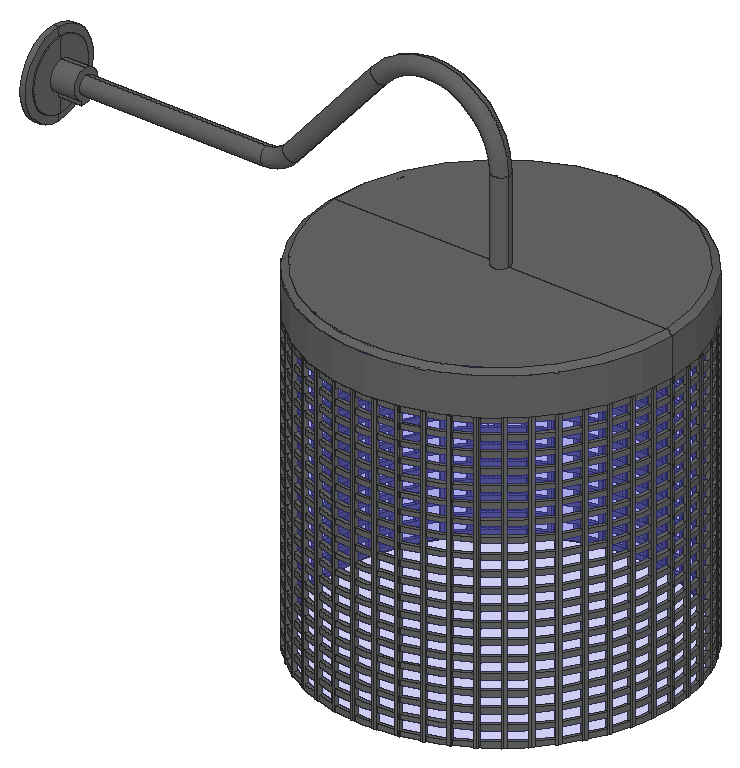
Revit family "OSOC LED 20", category Lighting Fixtures, Revit 2020 (continued)
Definition of nested family "OSOC 20_1"
  Definition of nested family "OSOC20"
    Automatic sketch dimensions
      Extrusion 10 sketch curve to Extrusion 10 sketch curve = 0' - 9.80176"
      Extrusion 10 sketch curve to Extrusion 10 sketch curve = 0' - 0.12369"
      Extrusion 11 sketch curve to Extrusion 11 sketch curve = 0' - 0"  (x17)
      Extrusion 11 sketch curve to Extrusion 11 sketch curve = 0' - 0.19748"
      Extrusion 11 sketch curve to Extrusion 11 sketch curve = 0' - 9.80176"
      Extrusion 11 sketch curve to Extrusion 11 sketch curve = 0' - 0.12369"
      Extrusion 12 sketch curve to Extrusion 12 sketch curve = 0' - 0"  (x17)
      Extrusion 12 sketch curve to Extrusion 12 sketch curve = 0' - 0.19748"
      Extrusion 12 sketch curve to Extrusion 12 sketch curve = 0' - 9.80176"
      Extrusion 12 sketch curve to Extrusion 12 sketch curve = 0' - 0.12369"
      Extrusion 13 sketch curve to Extrusion 13 sketch curve = 0' - 0"  (x17)
      Extrusion 13 sketch curve to Extrusion 13 sketch curve = 0' - 0.19748"
      Extrusion 13 sketch curve to Extrusion 13 sketch curve = 0' - 9.80176"
      Extrusion 13 sketch curve to Extrusion 13 sketch curve = 0' - 0.12369"
      Extrusion 14 sketch curve to Extrusion 14 sketch curve = 0' - 0"  (x17)
      Extrusion 14 sketch curve to Extrusion 14 sketch curve = 0' - 0.19748"
      Extrusion 14 sketch curve to Extrusion 14 sketch curve = 0' - 9.80176"
      Extrusion 14 sketch curve to Extrusion 14 sketch curve = 0' - 0.12369"
      Extrusion 15 sketch curve to Extrusion 15 sketch curve = 0' - 0"  (x17)
      Extrusion 15 sketch curve to Extrusion 15 sketch curve = 0' - 0.19748"
      Extrusion 15 sketch curve to Extrusion 15 sketch curve = 0' - 9.80176"
      Extrusion 15 sketch curve to Extrusion 15 sketch curve = 0' - 0.12369"
      Extrusion 16 sketch curve to Extrusion 16 sketch curve = 0' - 0"  (x17)
      Extrusion 16 sketch curve to Extrusion 16 sketch curve = 0' - 0.19748"
      Extrusion 16 sketch curve to Extrusion 16 sketch curve = 0' - 9.80176"
      Extrusion 16 sketch curve to Extrusion 16 sketch curve = 0' - 0.12369"
      Extrusion 17 sketch curve to Extrusion 17 sketch curve = 0' - 0"  (x17)
      Extrusion 17 sketch curve to Extrusion 17 sketch curve = 0' - 0.19748"
      Extrusion 17 sketch curve to Extrusion 17 sketch curve = 0' - 9.80176"
      Extrusion 17 sketch curve to Extrusion 17 sketch curve = 0' - 0.12369"
      Extrusion 18 sketch curve to Extrusion 18 sketch curve = 0' - 0"  (x17)
      Extrusion 18 sketch curve to Extrusion 18 sketch curve = 0' - 0.19748"
      Extrusion 18 sketch curve to Extrusion 18 sketch curve = 0' - 9.80176"
      Extrusion 18 sketch curve to Extrusion 18 sketch curve = 0' - 0.12369"
      Extrusion 19 sketch curve to Extrusion 19 sketch curve = 0' - 0"  (x17)
      Extrusion 19 sketch curve to Extrusion 19 sketch curve = 0' - 0.19748"
      Extrusion 19 sketch curve to Extrusion 19 sketch curve = 0' - 9.80176"
      Extrusion 19 sketch curve to Extrusion 19 sketch curve = 0' - 0.12369"
      Extrusion 20 sketch curve to Extrusion 20 sketch curve = 0' - 0"  (x17)
      Extrusion 20 sketch curve to Extrusion 20 sketch curve = 0' - 0.19748"
      Extrusion 20 sketch curve to Extrusion 20 sketch curve = 0' - 9.80176"
      Extrusion 20 sketch curve to Extrusion 20 sketch curve = 0' - 0.12369"
      Extrusion 21 sketch curve to Extrusion 21 sketch curve = 0' - 0"  (x17)
      Extrusion 21 sketch curve to Extrusion 21 sketch curve = 0' - 0.19748"
      Extrusion 21 sketch curve to Extrusion 21 sketch curve = 0' - 9.80176"
      Extrusion 21 sketch curve to Extrusion 21 sketch curve = 0' - 0.12369"
      Extrusion 22 sketch curve to Extrusion 22 sketch curve = 0' - 0"  (x17)
      Extrusion 22 sketch curve to Extrusion 22 sketch curve = 0' - 0.19748"
      Extrusion 22 sketch curve to Extrusion 22 sketch curve = 0' - 9.80176"
      Extrusion 22 sketch curve to Extrusion 22 sketch curve = 0' - 0.12369"
      Extrusion 23 sketch curve to Extrusion 23 sketch curve = 0' - 0"  (x17)
      Extrusion 23 sketch curve to Extrusion 23 sketch curve = 0' - 0.19748"
      Extrusion 23 sketch curve to Extrusion 23 sketch curve = 0' - 9.80176"
      Extrusion 23 sketch curve to Extrusion 23 sketch curve = 0' - 0.12369"
      Extrusion 24 sketch curve to Extrusion 24 sketch curve = 0' - 0"  (x17)
      Extrusion 24 sketch curve to Extrusion 24 sketch curve = 0' - 0.19748"
      Extrusion 24 sketch curve to Extrusion 24 sketch curve = 0' - 9.80176"
      Extrusion 24 sketch curve to Extrusion 24 sketch curve = 0' - 0.12369"
      Extrusion 25 sketch curve to Extrusion 25 sketch curve = 0' - 0"  (x17)
      Extrusion 25 sketch curve to Extrusion 25 sketch curve = 0' - 0.19748"
      Extrusion 25 sketch curve to Extrusion 25 sketch curve = 0' - 9.80176"
      Extrusion 25 sketch curve to Extrusion 25 sketch curve = 0' - 0.12369"
      Extrusion 26 sketch curve to Extrusion 26 sketch curve = 0' - 0"  (x17)
      Extrusion 26 sketch curve to Extrusion 26 sketch curve = 0' - 0.19748"
      Extrusion 26 sketch curve to Extrusion 26 sketch curve = 0' - 9.80176"
      Extrusion 26 sketch curve to Extrusion 26 sketch curve = 0' - 0.12369"
      Extrusion 27 sketch curve to Extrusion 27 sketch curve = 0' - 0"  (x17)
      Extrusion 27 sketch curve to Extrusion 27 sketch curve = 0' - 0.19748"
      Extrusion 27 sketch curve to Extrusion 27 sketch curve = 0' - 9.80176"
      Extrusion 27 sketch curve to Extrusion 27 sketch curve = 0' - 0.12369"
      Extrusion 28 sketch curve to Extrusion 28 sketch curve = 0' - 0"  (x17)
      Extrusion 28 sketch curve to Extrusion 28 sketch curve = 0' - 0.19748"
      Extrusion 28 sketch curve to Extrusion 28 sketch curve = 0' - 9.80176"
      Extrusion 28 sketch curve to Extrusion 28 sketch curve = 0' - 0.12369"
      Extrusion 29 sketch curve to Extrusion 29 sketch curve = 0' - 0"  (x17)
      Extrusion 29 sketch curve to Extrusion 29 sketch curve = 0' - 0.19748"
      Extrusion 29 sketch curve to Extrusion 29 sketch curve = 0' - 9.80176"
      Extrusion 29 sketch curve to Extrusion 29 sketch curve = 0' - 0.12369"
      Extrusion 30 sketch curve to Extrusion 30 sketch curve = 0' - 0"  (x17)
      Extrusion 30 sketch curve to Extrusion 30 sketch curve = 0' - 0.19748"
      Extrusion 30 sketch curve to Extrusion 30 sketch curve = 0' - 9.80176"
      Extrusion 30 sketch curve to Extrusion 30 sketch curve = 0' - 0.12369"
      Extrusion 31 sketch curve to Extrusion 31 sketch curve = 0' - 0"  (x17)
      Extrusion 31 sketch curve to Extrusion 31 sketch curve = 0' - 0.19748"
      Extrusion 31 sketch curve to Extrusion 31 sketch curve = 0' - 9.80176"
      Extrusion 31 sketch curve to Extrusion 31 sketch curve = 0' - 0.12369"
      Extrusion 32 sketch curve to Extrusion 32 sketch curve = 0' - 0"  (x17)
      Extrusion 32 sketch curve to Extrusion 32 sketch curve = 0' - 0.19748"
      Extrusion 32 sketch curve to Extrusion 32 sketch curve = 0' - 9.80176"
      Extrusion 32 sketch curve to Extrusion 32 sketch curve = 0' - 0.12369"
      Extrusion 33 sketch curve to Extrusion 33 sketch curve = 0' - 0"  (x17)
      Extrusion 33 sketch curve to Extrusion 33 sketch curve = 0' - 0.19748"
      Extrusion 33 sketch curve to Extrusion 33 sketch curve = 0' - 9.80176"
      Extrusion 33 sketch curve to Extrusion 33 sketch curve = 0' - 0.12369"
      Extrusion 34 sketch curve to Extrusion 34 sketch curve = 0' - 0"  (x17)
      Extrusion 34 sketch curve to Extrusion 34 sketch curve = 0' - 0.19748"
      Extrusion 34 sketch curve to Extrusion 34 sketch curve = 0' - 9.80176"
      Extrusion 34 sketch curve to Extrusion 34 sketch curve = 0' - 0.12369"
      Extrusion 35 sketch curve to Extrusion 35 sketch curve = 0' - 0"  (x17)
      Extrusion 35 sketch curve to Extrusion 35 sketch curve = 0' - 0.19748"
      Extrusion 35 sketch curve to Extrusion 35 sketch curve = 0' - 9.80176"
      Extrusion 35 sketch curve to Extrusion 35 sketch curve = 0' - 0.12369"
      Extrusion 36 sketch curve to Extrusion 36 sketch curve = 0' - 0"  (x17)
      Extrusion 36 sketch curve to Extrusion 36 sketch curve = 0' - 0.19748"
      Extrusion 36 sketch curve to Extrusion 36 sketch curve = 0' - 9.80176"
      Extrusion 36 sketch curve to Extrusion 36 sketch curve = 0' - 0.12369"
      Extrusion 37 sketch curve to Extrusion 37 sketch curve = 0' - 0"  (x17)
      Extrusion 37 sketch curve to Extrusion 37 sketch curve = 0' - 0.19748"
      Extrusion 37 sketch curve to Extrusion 37 sketch curve = 0' - 9.80176"
      Extrusion 37 sketch curve to Extrusion 37 sketch curve = 0' - 0.12369"
      Extrusion 38 sketch curve to Extrusion 38 sketch curve = 0' - 0"  (x17)
      Extrusion 38 sketch curve to Extrusion 38 sketch curve = 0' - 0.19748"
      Extrusion 38 sketch curve to Extrusion 38 sketch curve = 0' - 9.80176"
      Extrusion 38 sketch curve to Extrusion 38 sketch curve = 0' - 0.12369"
      Extrusion 39 sketch curve to Extrusion 39 sketch curve = 0' - 0"  (x17)
      Extrusion 39 sketch curve to Extrusion 39 sketch curve = 0' - 0.19748"
      Extrusion 39 sketch curve to Extrusion 39 sketch curve = 0' - 9.80176"
      Extrusion 39 sketch curve to Extrusion 39 sketch curve = 0' - 0.12369"
      Extrusion 40 sketch curve to Extrusion 40 sketch curve = 0' - 0"  (x17)
      Extrusion 40 sketch curve to Extrusion 40 sketch curve = 0' - 0.19748"
      Extrusion 40 sketch curve to Extrusion 40 sketch curve = 0' - 9.80176"
      Extrusion 40 sketch curve to Extrusion 40 sketch curve = 0' - 0.12369"
      Extrusion 41 sketch curve to Extrusion 41 sketch curve = 0' - 0"  (x17)
      Extrusion 41 sketch curve to Extrusion 41 sketch curve = 0' - 0.19748"
      Extrusion 41 sketch curve to Extrusion 41 sketch curve = 0' - 9.80176"
      Extrusion 41 sketch curve to Extrusion 41 sketch curve = 0' - 0.12369"
      Extrusion 42 sketch curve to Extrusion 42 sketch curve = 0' - 0"  (x17)
      Extrusion 42 sketch curve to Extrusion 42 sketch curve = 0' - 0.19748"
      Extrusion 42 sketch curve to Extrusion 42 sketch curve = 0' - 9.80176"
      Extrusion 42 sketch curve to Extrusion 42 sketch curve = 0' - 0.12369"
      Extrusion 43 sketch curve to Extrusion 43 sketch curve = 0' - 0"  (x17)
      Extrusion 43 sketch curve to Extrusion 43 sketch curve = 0' - 0.19748"
      Extrusion 43 sketch curve to Extrusion 43 sketch curve = 0' - 9.80176"
      Extrusion 43 sketch curve to Extrusion 43 sketch curve = 0' - 0.12369"
      Extrusion 44 sketch curve to Extrusion 44 sketch curve = 0' - 0"  (x17)
      Extrusion 44 sketch curve to Extrusion 44 sketch curve = 0' - 0.19748"
      Extrusion 44 sketch curve to Extrusion 44 sketch curve = 0' - 9.80176"
      Extrusion 44 sketch curve to Extrusion 44 sketch curve = 0' - 0.12369"
      Extrusion 45 sketch curve to Extrusion 45 sketch curve = 0' - 0"  (x17)
      Extrusion 45 sketch curve to Extrusion 45 sketch curve = 0' - 0.19748"
      Extrusion 45 sketch curve to Extrusion 45 sketch curve = 0' - 9.80176"
      Extrusion 45 sketch curve to Extrusion 45 sketch curve = 0' - 0.12369"
      Extrusion 46 sketch curve to Extrusion 46 sketch curve = 0' - 0"  (x17)
      Extrusion 46 sketch curve to Extrusion 46 sketch curve = 0' - 0.19748"
      Extrusion 46 sketch curve to Extrusion 46 sketch curve = 0' - 9.80176"
      Extrusion 46 sketch curve to Extrusion 46 sketch curve = 0' - 0.12369"
      Extrusion 47 sketch curve to Extrusion 47 sketch curve = 0' - 0"  (x17)
      Extrusion 47 sketch curve to Extrusion 47 sketch curve = 0' - 0.19748"
      Extrusion 47 sketch curve to Extrusion 47 sketch curve = 0' - 9.80176"
      Extrusion 47 sketch curve to Extrusion 47 sketch curve = 0' - 0.12369"
      Extrusion 48 sketch curve to Extrusion 48 sketch curve = 0' - 0"  (x17)
      Extrusion 48 sketch curve to Extrusion 48 sketch curve = 0' - 0.19748"
      Extrusion 48 sketch curve to Extrusion 48 sketch curve = 0' - 9.80176"
      Extrusion 48 sketch curve to Extrusion 48 sketch curve = 0' - 0.12369"
      Extrusion 49 sketch curve to Extrusion 49 sketch curve = 0' - 0"  (x17)
      Extrusion 49 sketch curve to Extrusion 49 sketch curve = 0' - 0.19748"
      Extrusion 49 sketch curve to Extrusion 49 sketch curve = 0' - 9.80176"
      Extrusion 49 sketch curve to Extrusion 49 sketch curve = 0' - 0.12369"
      Extrusion 50 sketch curve to Extrusion 50 sketch curve = 0' - 0"  (x17)
      Extrusion 50 sketch curve to Extrusion 50 sketch curve = 0' - 0.19748"
      Extrusion 50 sketch curve to Extrusion 50 sketch curve = 0' - 9.80176"
      Extrusion 50 sketch curve to Extrusion 50 sketch curve = 0' - 0.12369"
      Extrusion 51 sketch curve to Extrusion 51 sketch curve = 0' - 0"  (x17)
      Extrusion 51 sketch curve to Extrusion 51 sketch curve = 0' - 0.19748"
      Extrusion 51 sketch curve to Extrusion 51 sketch curve = 0' - 9.80176"
      Extrusion 51 sketch curve to Extrusion 51 sketch curve = 0' - 0.12369"
      Extrusion 52 sketch curve to Extrusion 52 sketch curve = 0' - 0"  (x17)
      Extrusion 52 sketch curve to Extrusion 52 sketch curve = 0' - 0.19748"
      Extrusion 52 sketch curve to Extrusion 52 sketch curve = 0' - 9.80176"
      Extrusion 52 sketch curve to Extrusion 52 sketch curve = 0' - 0.12369"
      Revolve 53 sketch curve to Revolve 53 sketch curve = 0' - 0.29377"
      Revolve 53 sketch curve to Revolve 53 sketch curve = 0' - 1"  (x2)
      Revolve 53 sketch curve to Revolve 53 sketch curve = 0' - 0.19824"
      Revolve 53 sketch curve to Revolve 53 sketch curve = 0' - 9.80176"
      Revolve 55 sketch curve to Revolve 55 sketch curve = 0' - 0.29377"
      Revolve 55 sketch curve to Revolve 55 sketch curve = 0' - 1"  (x2)
      Revolve 55 sketch curve to Revolve 55 sketch curve = 0' - 0.19824"
      Revolve 55 sketch curve to Revolve 55 sketch curve = 0' - 9.80176"
      Revolve 56 sketch curve to Revolve 56 sketch curve = 0' - 0.29377"
      Revolve 56 sketch curve to Revolve 56 sketch curve = 0' - 1"  (x2)
      Revolve 56 sketch curve to Revolve 56 sketch curve = 0' - 0.19824"
      Revolve 56 sketch curve to Revolve 56 sketch curve = 0' - 9.80176"
      Revolve 57 sketch curve to Revolve 57 sketch curve = 0' - 0.29377"
      Revolve 57 sketch curve to Revolve 57 sketch curve = 0' - 1"  (x2)
      Revolve 57 sketch curve to Revolve 57 sketch curve = 0' - 0.19824"
      Revolve 57 sketch curve to Revolve 57 sketch curve = 0' - 9.80176"
      Revolve 58 sketch curve to Revolve 58 sketch curve = 0' - 0.29377"
      Revolve 58 sketch curve to Revolve 58 sketch curve = 0' - 1"  (x2)
      Revolve 58 sketch curve to Revolve 58 sketch curve = 0' - 0.19824"
      Revolve 58 sketch curve to Revolve 58 sketch curve = 0' - 9.80176"
      Revolve 59 sketch curve to Revolve 59 sketch curve = 0' - 0.29377"
      Revolve 59 sketch curve to Revolve 59 sketch curve = 0' - 1"  (x2)
      Revolve 59 sketch curve to Revolve 59 sketch curve = 0' - 0.19824"
      Revolve 59 sketch curve to Revolve 59 sketch curve = 0' - 9.80176"
      Revolve 60 sketch curve to Revolve 60 sketch curve = 0' - 0.29377"
      Revolve 60 sketch curve to Revolve 60 sketch curve = 0' - 1"  (x2)
      Revolve 60 sketch curve to Revolve 60 sketch curve = 0' - 0.19824"
      Revolve 60 sketch curve to Revolve 60 sketch curve = 0' - 9.80176"
      Revolve 61 sketch curve to Revolve 61 sketch curve = 0' - 0.29377"
      Revolve 61 sketch curve to Revolve 61 sketch curve = 0' - 1"  (x2)
      Revolve 61 sketch curve to Revolve 61 sketch curve = 0' - 0.19824"
      Revolve 61 sketch curve to Revolve 61 sketch curve = 0' - 9.80176"
      Revolve 62 sketch curve to Revolve 62 sketch curve = 0' - 0.29377"
      Revolve 62 sketch curve to Revolve 62 sketch curve = 0' - 1"  (x2)
      Revolve 62 sketch curve to Revolve 62 sketch curve = 0' - 0.19824"
      Revolve 62 sketch curve to Revolve 62 sketch curve = 0' - 9.80176"
      Revolve 62 sketch curve to plane 5 = 0' - 0"
      level to Revolve 62 sketch curve = 0' - 7.11315"
      Revolve 58 sketch curve to plane 5 = 0' - 0"
      level to Revolve 58 sketch curve = 0' - 3.55658"
      Revolve 57 sketch curve to plane 5 = 0' - 0"
      level to Revolve 57 sketch curve = 0' - 2.66743"
      Revolve 55 sketch curve to plane 5 = 0' - 0"
      level to Revolve 55 sketch curve = 0' - 0.88914"
      Revolve 59 sketch curve to plane 5 = 0' - 0"
      level to Revolve 59 sketch curve = 0' - 4.44572"
      plane 1 "Center (Front/Back)" to Extrusion 45 sketch curve = 0' - 0"
      Extrusion 45 sketch curve to plane 3 "Center (Left/Right)" = 0' - 0"
      plane 1 "Center (Front/Back)" to Extrusion 42 sketch curve = 0' - 0"
      Extrusion 42 sketch curve to plane 3 "Center (Left/Right)" = 0' - 0"
      plane 1 "Center (Front/Back)" to Extrusion 36 sketch curve = 0' - 0"
      Extrusion 36 sketch curve to plane 3 "Center (Left/Right)" = 0' - 0"
      plane 1 "Center (Front/Back)" to Extrusion 32 sketch curve = 0' - 0"
      Extrusion 32 sketch curve to plane 3 "Center (Left/Right)" = 0' - 0"
      plane 1 "Center (Front/Back)" to Extrusion 31 sketch curve = 0' - 0"
      Extrusion 31 sketch curve to plane 3 "Center (Left/Right)" = 0' - 0"
      plane 1 "Center (Front/Back)" to Extrusion 35 sketch curve = 0' - 0"
      Extrusion 35 sketch curve to plane 3 "Center (Left/Right)" = 0' - 0"
      plane 1 "Center (Front/Back)" to Extrusion 38 sketch curve = 0' - 0"
      Extrusion 38 sketch curve to plane 3 "Center (Left/Right)" = 0' - 0"
      plane 1 "Center (Front/Back)" to Extrusion 16 sketch curve = 0' - 0"
      Extrusion 16 sketch curve to plane 3 "Center (Left/Right)" = 0' - 0"
      plane 1 "Center (Front/Back)" to Extrusion 44 sketch curve = 0' - 0"
      Extrusion 44 sketch curve to plane 3 "Center (Left/Right)" = 0' - 0"
      plane 1 "Center (Front/Back)" to Extrusion 46 sketch curve = 0' - 0"
      Extrusion 46 sketch curve to plane 3 "Center (Left/Right)" = 0' - 0"
      plane 1 "Center (Front/Back)" to Extrusion 47 sketch curve = 0' - 0"
      Extrusion 47 sketch curve to plane 3 "Center (Left/Right)" = 0' - 0"
      plane 1 "Center (Front/Back)" to Extrusion 49 sketch curve = 0' - 0"
      Extrusion 49 sketch curve to plane 3 "Center (Left/Right)" = 0' - 0"
      plane 1 "Center (Front/Back)" to Extrusion 51 sketch curve = 0' - 0"
      Extrusion 51 sketch curve to plane 3 "Center (Left/Right)" = 0' - 0"
      plane 1 "Center (Front/Back)" to Extrusion 13 sketch curve = 0' - 0"
      Extrusion 13 sketch curve to plane 3 "Center (Left/Right)" = 0' - 0"
      plane 1 "Center (Front/Back)" to Extrusion 41 sketch curve = 0' - 0"
      Extrusion 41 sketch curve to plane 3 "Center (Left/Right)" = 0' - 0"
      plane 1 "Center (Front/Back)" to Extrusion 20 sketch curve = 0' - 0"
      Extrusion 20 sketch curve to plane 3 "Center (Left/Right)" = 0' - 0"
      plane 1 "Center (Front/Back)" to Extrusion 34 sketch curve = 0' - 0"
      Extrusion 34 sketch curve to plane 3 "Center (Left/Right)" = 0' - 0"
      plane 1 "Center (Front/Back)" to Extrusion 27 sketch curve = 0' - 0"
      Extrusion 27 sketch curve to plane 3 "Center (Left/Right)" = 0' - 0"
      plane 1 "Center (Front/Back)" to Extrusion 33 sketch curve = 0' - 0"
      Extrusion 33 sketch curve to plane 3 "Center (Left/Right)" = 0' - 0"
      plane 1 "Center (Front/Back)" to Extrusion 37 sketch curve = 0' - 0"
      Extrusion 37 sketch curve to plane 3 "Center (Left/Right)" = 0' - 0"
      plane 1 "Center (Front/Back)" to Extrusion 40 sketch curve = 0' - 0"
      Extrusion 40 sketch curve to plane 3 "Center (Left/Right)" = 0' - 0"
      plane 1 "Center (Front/Back)" to Extrusion 43 sketch curve = 0' - 0"
      Extrusion 43 sketch curve to plane 3 "Center (Left/Right)" = 0' - 0"
      plane 1 "Center (Front/Back)" to Extrusion 12 sketch curve = 0' - 0"
      Extrusion 12 sketch curve to plane 3 "Center (Left/Right)" = 0' - 0"
      plane 1 "Center (Front/Back)" to Extrusion 48 sketch curve = 0' - 0"
      Extrusion 48 sketch curve to plane 3 "Center (Left/Right)" = 0' - 0"
      plane 1 "Center (Front/Back)" to Extrusion 52 sketch curve = 0' - 0"
      Extrusion 52 sketch curve to plane 3 "Center (Left/Right)" = 0' - 0"
      plane 1 "Center (Front/Back)" to Extrusion 9 sketch curve = 0' - 0"
      Extrusion 9 sketch curve to plane 3 "Center (Left/Right)" = 0' - 0"
      plane 1 "Center (Front/Back)" to Extrusion 10 sketch curve = 0' - 0"
      Extrusion 10 sketch curve to plane 3 "Center (Left/Right)" = 0' - 0"
      plane 1 "Center (Front/Back)" to Extrusion 18 sketch curve = 0' - 0"
      Extrusion 18 sketch curve to plane 3 "Center (Left/Right)" = 0' - 0"
      plane 1 "Center (Front/Back)" to Extrusion 23 sketch curve = 0' - 0"
      Extrusion 23 sketch curve to plane 3 "Center (Left/Right)" = 0' - 0"
      plane 1 "Center (Front/Back)" to Extrusion 39 sketch curve = 0' - 0"
      Extrusion 39 sketch curve to plane 3 "Center (Left/Right)" = 0' - 0"
      plane 1 "Center (Front/Back)" to Extrusion 22 sketch curve = 0' - 0"
      Extrusion 22 sketch curve to plane 3 "Center (Left/Right)" = 0' - 0"
      plane 1 "Center (Front/Back)" to Extrusion 30 sketch curve = 0' - 0"
      Extrusion 30 sketch curve to plane 3 "Center (Left/Right)" = 0' - 0"
      plane 1 "Center (Front/Back)" to Extrusion 24 sketch curve = 0' - 0"
      Extrusion 24 sketch curve to plane 3 "Center (Left/Right)" = 0' - 0"
      plane 1 "Center (Front/Back)" to Extrusion 21 sketch curve = 0' - 0"
      Extrusion 21 sketch curve to plane 3 "Center (Left/Right)" = 0' - 0"
      Revolve 60 sketch curve to plane 5 = 0' - 0"
      level to Revolve 60 sketch curve = 0' - 5.33486"
      Revolve 53 sketch curve to level = 0' - 0"
      Revolve 53 sketch curve to plane 5 = 0' - 0"
      Revolve 56 sketch curve to plane 5 = 0' - 0"
      level to Revolve 56 sketch curve = 0' - 1.77829"
      Revolve 61 sketch curve to plane 5 = 0' - 0"
      level to Revolve 61 sketch curve = 0' - 6.22401"
      plane 1 "Center (Front/Back)" to Extrusion 7 sketch curve = 0' - 0"
      Extrusion 7 sketch curve to plane 3 "Center (Left/Right)" = 0' - 0"
      plane 1 "Center (Front/Back)" to Extrusion 4 sketch curve = 0' - 0"
      Extrusion 4 sketch curve to plane 3 "Center (Left/Right)" = 0' - 0"
      plane 1 "Center (Front/Back)" to Extrusion 11 sketch curve = 0' - 0"
      Extrusion 11 sketch curve to plane 3 "Center (Left/Right)" = 0' - 0"
      plane 1 "Center (Front/Back)" to Extrusion 14 sketch curve = 0' - 0"
      Extrusion 14 sketch curve to plane 3 "Center (Left/Right)" = 0' - 0"
      plane 1 "Center (Front/Back)" to Extrusion 15 sketch curve = 0' - 0"
      Extrusion 15 sketch curve to plane 3 "Center (Left/Right)" = 0' - 0"
      plane 1 "Center (Front/Back)" to Extrusion 3 sketch curve = 0' - 0"
      Extrusion 3 sketch curve to plane 3 "Center (Left/Right)" = 0' - 0"
      plane 1 "Center (Front/Back)" to Extrusion 6 sketch curve = 0' - 0"
      Extrusion 6 sketch curve to plane 3 "Center (Left/Right)" = 0' - 0"
      plane 1 "Center (Front/Back)" to Extrusion 5 sketch curve = 0' - 0"
      Extrusion 5 sketch curve to plane 3 "Center (Left/Right)" = 0' - 0"
      plane 1 "Center (Front/Back)" to Extrusion 50 sketch curve = 0' - 0"
      Extrusion 50 sketch curve to plane 3 "Center (Left/Right)" = 0' - 0"
      plane 1 "Center (Front/Back)" to Extrusion 8 sketch curve = 0' - 0"
      Extrusion 8 sketch curve to plane 3 "Center (Left/Right)" = 0' - 0"
      plane 1 "Center (Front/Back)" to Extrusion 17 sketch curve = 0' - 0"
      Extrusion 17 sketch curve to plane 3 "Center (Left/Right)" = 0' - 0"
      plane 1 "Center (Front/Back)" to Extrusion 19 sketch curve = 0' - 0"
      Extrusion 19 sketch curve to plane 3 "Center (Left/Right)" = 0' - 0"
      plane 1 "Center (Front/Back)" to Extrusion 25 sketch curve = 0' - 0"
      Extrusion 25 sketch curve to plane 3 "Center (Left/Right)" = 0' - 0"
      plane 1 "Center (Front/Back)" to Extrusion 26 sketch curve = 0' - 0"
      Extrusion 26 sketch curve to plane 3 "Center (Left/Right)" = 0' - 0"
      plane 1 "Center (Front/Back)" to Extrusion 28 sketch curve = 0' - 0"
      Extrusion 28 sketch curve to plane 3 "Center (Left/Right)" = 0' - 0"
      plane 1 "Center (Front/Back)" to Extrusion 29 sketch curve = 0' - 0"
      Extrusion 29 sketch curve to plane 3 "Center (Left/Right)" = 0' - 0"
      Revolve 54 sketch curve to plane 5 = 0' - 0"
      Revolve 54 sketch curve to plane 3 "Center (Left/Right)" = 0' - 0"
      Revolve 54 sketch curve to Revolve 54 sketch curve = 0' - 0.19824"
      Revolve 54 sketch curve to plane 4 = 0' - 2.73127"
      Revolve 54 sketch curve to Revolve 54 sketch curve = 0' - 0.29377"
      Revolve 54 sketch curve to plane 4 = 0' - 1 7/16"
      Revolve 54 sketch curve to plane 4 = 0' - 0 7/16"
      Revolve 72 sketch curve to plane 5 = 0' - 0"
      Revolve 72 sketch curve to plane 3 "Center (Left/Right)" = 0' - 0"
      Revolve 72 sketch curve to Revolve 72 sketch curve = 0' - 0.19824"
      Revolve 72 sketch curve to plane 4 = 0' - 3.62041"
      Revolve 72 sketch curve to Revolve 72 sketch curve = 0' - 0.29377"
      Revolve 72 sketch curve to plane 4 = 0' - 2.32664"
      Revolve 72 sketch curve to Revolve 72 sketch curve = 0' - 1"
      Revolve 71 sketch curve to plane 5 = 0' - 0"
      Revolve 71 sketch curve to plane 3 "Center (Left/Right)" = 0' - 0"
      Revolve 71 sketch curve to Revolve 71 sketch curve = 0' - 0.19824"
      Revolve 71 sketch curve to plane 4 = 0' - 4.50955"
      Revolve 71 sketch curve to Revolve 71 sketch curve = 0' - 0.29377"
      Revolve 71 sketch curve to plane 4 = 0' - 3.21579"
      Revolve 71 sketch curve to Revolve 71 sketch curve = 0' - 1"
      Revolve 70 sketch curve to plane 5 = 0' - 0"
      Revolve 70 sketch curve to plane 3 "Center (Left/Right)" = 0' - 0"
      Revolve 70 sketch curve to Revolve 70 sketch curve = 0' - 0.19824"
      Revolve 70 sketch curve to plane 4 = 0' - 5.3987"
      Revolve 70 sketch curve to Revolve 70 sketch curve = 0' - 0.29377"
      Revolve 70 sketch curve to plane 4 = 0' - 4.10493"
      Revolve 70 sketch curve to Revolve 70 sketch curve = 0' - 1"
      Revolve 69 sketch curve to plane 5 = 0' - 0"
      Revolve 69 sketch curve to plane 3 "Center (Left/Right)" = 0' - 0"
      Revolve 69 sketch curve to Revolve 69 sketch curve = 0' - 0.19824"
      Revolve 69 sketch curve to plane 4 = 0' - 6.28784"
      Revolve 69 sketch curve to Revolve 69 sketch curve = 0' - 0.29377"
      Revolve 69 sketch curve to plane 4 = 0' - 4.99408"
      Revolve 69 sketch curve to Revolve 69 sketch curve = 0' - 1"
      Revolve 68 sketch curve to plane 5 = 0' - 0"
      Revolve 68 sketch curve to plane 3 "Center (Left/Right)" = 0' - 0"
      Revolve 68 sketch curve to Revolve 68 sketch curve = 0' - 0.19824"
      Revolve 68 sketch curve to plane 4 = 0' - 7.17699"
      Revolve 68 sketch curve to Revolve 68 sketch curve = 0' - 0.29377"
      Revolve 68 sketch curve to plane 4 = 0' - 5.88322"
      Revolve 68 sketch curve to Revolve 68 sketch curve = 0' - 1"
      Revolve 67 sketch curve to plane 5 = 0' - 0"
      Revolve 67 sketch curve to plane 3 "Center (Left/Right)" = 0' - 0"
      Revolve 67 sketch curve to Revolve 67 sketch curve = 0' - 0.19824"
      Revolve 67 sketch curve to plane 4 = 0' - 8.06613"
      Revolve 67 sketch curve to Revolve 67 sketch curve = 0' - 0.29377"
      Revolve 67 sketch curve to plane 4 = 0' - 6.77236"
      Revolve 67 sketch curve to Revolve 67 sketch curve = 0' - 1"
      Revolve 66 sketch curve to plane 5 = 0' - 0"
      Revolve 66 sketch curve to plane 3 "Center (Left/Right)" = 0' - 0"
      Revolve 66 sketch curve to Revolve 66 sketch curve = 0' - 0.19824"
      Revolve 66 sketch curve to plane 4 = 0' - 8.95527"
      Revolve 66 sketch curve to Revolve 66 sketch curve = 0' - 0.29377"
      Revolve 66 sketch curve to plane 4 = 0' - 7.66151"
      Revolve 66 sketch curve to Revolve 66 sketch curve = 0' - 1"
      Revolve 65 sketch curve to plane 5 = 0' - 0"
      Revolve 65 sketch curve to plane 3 "Center (Left/Right)" = 0' - 0"
      Revolve 65 sketch curve to Revolve 65 sketch curve = 0' - 0.19824"
      level to Revolve 65 sketch curve = 0' - 9.78058"
      Revolve 65 sketch curve to Revolve 65 sketch curve = 0' - 0.29377"
      Revolve 65 sketch curve to plane 4 = 0' - 8.55065"
      Revolve 65 sketch curve to Revolve 65 sketch curve = 0' - 1"
      Revolve 64 sketch curve to plane 5 = 0' - 0"
      Revolve 64 sketch curve to plane 3 "Center (Left/Right)" = 0' - 0"
      Revolve 64 sketch curve to Revolve 64 sketch curve = 0' - 0.19824"
      level to Revolve 64 sketch curve = 0' - 8.89144"
      Revolve 64 sketch curve to Revolve 64 sketch curve = 0' - 0.29377"
      Revolve 64 sketch curve to plane 4 = 0' - 9.43979"
      Revolve 64 sketch curve to Revolve 64 sketch curve = 0' - 1"
      Revolve 63 sketch curve to plane 5 = 0' - 0"
      Revolve 63 sketch curve to plane 3 "Center (Left/Right)" = 0' - 0"
      Revolve 63 sketch curve to Revolve 63 sketch curve = 0' - 0.19824"
      level to Revolve 63 sketch curve = 0' - 8.00229"
      Revolve 63 sketch curve to Revolve 63 sketch curve = 0' - 0.29377"
      level to Revolve 63 sketch curve = 0' - 9.29606"
      Revolve 63 sketch curve to Revolve 63 sketch curve = 0' - 1"
Definition of nested family "CORD OR STEM MOUNT"
  Parameters (values of type "CORD OR STEM MOUNT")
    URL = ""
    Model = ""
    Manufacturer = ""
    Light Elevation [instance] = 1' - 7.69"
    Default Elevation = 0' - 0"
    Cord or Stem Mount [instance] = yes
    Cord Length [instance] = 6' - 0"
    Body Material [instance] = none
    8' Cord [instance] = no
    6' Cord [instance] = no
    4' Cord [instance] = no
    2' Cord [instance] = no
    10' Cord [instance] = no
  Reference planes (in)
    plane 1 "Light Source Axis (F/B)": y = 0
    plane 2: z = 0
    plane 3 "Light Source Axis (L/R)": x = 0
    plane 4 "Light Source Elevation": z = 23.125
    plane 5: z = 91.69
    plane 6: z = 19.69
  Forms (in)
    Extrusion 1, void, not visible
      sketch origin (0, 0, 2.38154) x (1, 0, 0) y (0, 0, 1)
        loop
          circle (0, 4.59925) r 0.16583
      from 1.18594 to 1.75
    Extrusion 2, void, not visible
      sketch origin (0, 0, 2.38154) x (0.707107, -0.707107, 0) y (0, 0, 1)
        loop
          circle (0, 4.59925) r 0.16583
      from 1.18594 to 1.75
    Extrusion 3, void, not visible
      sketch origin (0, 0, 2.38154) x (0.707107, 0.707107, 0) y (0, 0, 1)
        loop
          circle (0, 4.59925) r 0.16583
      from 1.18594 to 1.75
    Extrusion 4, void, not visible
      sketch origin (0, 0, 2.38154) x (0, 1, 0) y (0, 0, 1)
        loop
          circle (0, 4.59925) r 0.16583
      from 1.18594 to 1.75
    Extrusion 5, void, not visible
      sketch origin (0, 0, 2.38154) x (-0.707107, 0.707107, 0) y (0, 0, 1)
        loop
          circle (0, 4.59925) r 0.16583
      from 1.18594 to 1.75
    Extrusion 6, void, not visible
      sketch origin (0, 0, 2.38154) x (-1, 0, 0) y (0, 0, 1)
        loop
          circle (0, 4.59925) r 0.20678
      from 1.18594 to 1.75
    Extrusion 7, void, not visible
      sketch origin (0, 0, 2.38154) x (-0.707107, -0.707107, 0) y (0, 0, 1)
        loop
          circle (0, 4.59925) r 0.16583
      from 1.18594 to 1.75
    Extrusion 8, void, not visible
      sketch origin (0, 0, 2.38154) x (0, -1, 0) y (0, 0, 1)
        loop
          circle (0, 4.59925) r 0.16583
      from 1.18594 to 1.75
    Revolve 9, solid, material <- "Body Material", visible <- "Cord or Stem Mount"
      sketch origin (0, 0, 174.56698) x (1, 0, 0) y (0, 0, 1)
        loop
          line (2.6875, -79.20698) -> (0, -79.20698) -> (0, -82.87698) -> (0.125, -82.87698) -> (0.125, -82.83698) -> (0.75, -82.83698)
          arc (0.75, -82.83698) -> (0.81694, -82.77004) -> (0.75, -82.7031) r 0.06694
          line (0.75, -82.7031) -> (0.89763, -82.7031) -> (1.00223, -82.5985) -> (1.06587, -82.5985)
          arc (1.06587, -82.5985) -> (1.80099, -82.29401) -> (2.10549, -81.55888) r 1.03962
          line (2.10549, -81.55888) -> (2.10549, -81.03899)
          arc (2.10549, -81.03899) -> (2.12951, -80.981) -> (2.1875, -80.95698) r 0.08201
          line (2.1875, -80.95698) -> (2.1875, -80.70698) -> (2.6875, -80.70698) -> (2.6875, -79.20698)
        axis (0, -79.20698) -> (0, -82.87698)
      angle from 0 to 360
    Revolve 10, solid, material <- "Body Material", visible <- "Cord or Stem Mount"
      sketch origin (0, 0, 0) x (1, 0, 0) y (0, 0, 1)
        loop
          line (0, 91.69) -> (-0.125, 91.69) -> (-0.125, 19.69) -> (0, 19.69) -> (0, 91.69)
        axis (0, 19.69) -> (0, 91.69)
      angle from 0 to 360
  Dimensions and locks (in)
    "Light Elevation": plane 6 to plane 2
    "Cord Length": plane 5 to plane 6
    locked: Revolve 10 sketch curve to Revolve 10 sketch curve at 0.125
    aligned and locked: level to plane 2
    aligned and locked: Revolve 10 sketch curve to plane 3 "Light Source Axis (L/R)"
    aligned and locked: Revolve 10 sketch curve to plane 6
    aligned and locked: Revolve 10 sketch curve to plane 5
    aligned and locked: plane 3 "Light Source Axis (L/R)" to Revolve 10 sketch curve
  Automatic sketch dimensions
    Revolve 9 sketch curve to plane 3 "Light Source Axis (L/R)" = 0' - 0"  (x2)
    Revolve 9 sketch curve to plane 5 = 0' - 0"
    plane 3 "Light Source Axis (L/R)" to Revolve 9 sketch curve = 0' - 0 1/8"
    Revolve 9 sketch curve to plane 5 = 0' - 0.17388"
    Revolve 9 sketch curve to Revolve 9 sketch curve = 0' - 0 5/8"
    Revolve 9 sketch curve to Revolve 9 sketch curve = 0' - 0.14763"
    Revolve 9 sketch curve to plane 5 = 0' - 0.27847"
    Revolve 9 sketch curve to Revolve 9 sketch curve = 0' - 0.1046"
    Revolve 9 sketch curve to Revolve 9 sketch curve = 0' - 0.06364"
    Revolve 9 sketch curve to Revolve 9 sketch curve = 0' - 1.03962"
    Revolve 9 sketch curve to Revolve 9 sketch curve = 0' - 0 21/256"
    Revolve 9 sketch curve to Revolve 9 sketch curve = 0' - 0 1/2"  (x2)
    Revolve 9 sketch curve to Revolve 9 sketch curve = 0' - 0.51989"
    Revolve 9 sketch curve to Revolve 9 sketch curve = 0' - 0 1/4"
    Revolve 9 sketch curve to Revolve 9 sketch curve = 0' - 2.3519"
    Revolve 9 sketch curve to Revolve 9 sketch curve = 0' - 1 1/4"
    Revolve 9 sketch curve to Revolve 9 sketch curve = 0' - 0.04"
    Revolve 10 sketch curve to Revolve 10 sketch curve = 0' - 0 1/2"
    Revolve 10 sketch curve to Revolve 10 sketch curve = 0' - 0.42345"
Definition of nested family "E7 41 INCH"
  Parameters (values of type "E7 41 INCH")
    URL = ""
    Placement X axis side [instance] = 4' - 2"
    Model = ""
    Manufacturer = ""
    Light Elevation [instance] = 8' - 4"
    E7 41 inch [instance] = yes
    Default Elevation = 0' - 0"
    Chain Length [instance] = 0' - 0"
    Body Material [instance] = none
  Reference planes (in)
    plane 1 "Light Source Axis (F/B)": y = 0
    plane 2: z = 0
    plane 3 "Light Source Axis (L/R)": x = 0
    plane 4 "Light Source Elevation": z = 23.125
    plane 5: z = 100
    plane 6: x = -50
  Forms (in)
    Extrusion 1, void, not visible
      sketch origin (0, 0, 2.38154) x (1, 0, 0) y (0, 0, 1)
        loop
          circle (0, 4.59925) r 0.16583
      from 1.18594 to 1.75
    Extrusion 2, void, not visible
      sketch origin (0, 0, 2.38154) x (0.707107, -0.707107, 0) y (0, 0, 1)
        loop
          circle (0, 4.59925) r 0.16583
      from 1.18594 to 1.75
    Extrusion 3, void, not visible
      sketch origin (0, 0, 2.38154) x (0.707107, 0.707107, 0) y (0, 0, 1)
        loop
          circle (0, 4.59925) r 0.16583
      from 1.18594 to 1.75
    Extrusion 4, void, not visible
      sketch origin (0, 0, 2.38154) x (0, 1, 0) y (0, 0, 1)
        loop
          circle (0, 4.59925) r 0.16583
      from 1.18594 to 1.75
    Extrusion 5, void, not visible
      sketch origin (0, 0, 2.38154) x (-0.707107, 0.707107, 0) y (0, 0, 1)
        loop
          circle (0, 4.59925) r 0.16583
      from 1.18594 to 1.75
    Extrusion 6, void, not visible
      sketch origin (0, 0, 2.38154) x (-1, 0, 0) y (0, 0, 1)
        loop
          circle (0, 4.59925) r 0.20678
      from 1.18594 to 1.75
    Extrusion 7, void, not visible
      sketch origin (0, 0, 2.38154) x (-0.707107, -0.707107, 0) y (0, 0, 1)
        loop
          circle (0, 4.59925) r 0.16583
      from 1.18594 to 1.75
    Extrusion 8, void, not visible
      sketch origin (0, 0, 2.38154) x (0, -1, 0) y (0, 0, 1)
        loop
          circle (0, 4.59925) r 0.16583
      from 1.18594 to 1.75
    Revolve 9, solid, material <- "Body Material", visible <- "E7 41 inch"
      sketch origin (-41.25, 0, 168.39193) x (1, 0, 0) y (0, 0, 1)
        loop
          line (-8.75, -66.20443) -> (-8.75, -68.51693) -> (-6.87, -68.51693) -> (-6.87, -67.69272) -> (-8.2974, -67.69272) -> (-8.2974, -66.54122) -> (-8.41875, -66.54122) -> (-8.41875, -66.20443) -> (-8.75, -66.20443)
        axis (-8.75, -68.51693) -> (-6.87, -68.51693)
      angle from 0 to 360
    Extrusion 10, solid, material <- "Body Material", visible <- "E7 41 inch"
      sketch origin (-41.25, 0, 168.39193) x (0, -1, 0) y (0, 0, -1)
        loop
          line (0.25, 68.51693) -> (0.25, 69.51693) -> (-0.25, 69.51693) -> (-0.25, 68.51693) -> (0.25, 68.51693)
      from -8.2974 to -6.87
    Sweep 11, solid, material <- "Body Material", visible <- "E7 41 inch"
      path origin (-41.25, 0, 168.39193) x (1, 0, 0) y (0, 0, 1)
        loop
          line (-6.87, -68.51693) -> (16.04011, -68.51693)
          arc (16.04011, -68.51693) -> (17.864, -68.13651) -> (19.38375, -67.0587) r 4.5625
          line (19.38375, -67.0587) -> (24.70217, -61.33018)
          arc (24.70217, -61.33018) -> (29.64465, -60.20324) -> (32.5, -64.39193) r 4.5
          line (32.5, -64.39193) -> (32.5, -68.39193)
      profile origin (-36.66494, 0, 99.875) x (0, 0, 1) y (0, -1, 0)
        loop
          circle (0, 0) r 0.5
  Dimensions and locks (in)
    "Placement X axis side": plane 3 "Light Source Axis (L/R)" to plane 6
    "Light Elevation": plane 5 to plane 2
    locked: Revolve 9 sketch curve to Revolve 9 sketch curve at 0.33125
    locked: Revolve 9 sketch curve to Revolve 9 sketch curve at 0.4526
    locked: Revolve 9 sketch curve to Revolve 9 sketch curve at 1.88
    locked: Revolve 9 sketch curve to Revolve 9 sketch curve at 0.82421
    locked: Revolve 9 sketch curve to Revolve 9 sketch curve at 1.1515
    locked: Revolve 9 sketch curve to Revolve 9 sketch curve at 0.33679
    locked: plane 5 to Revolve 9 sketch curve at 0.125
    locked: Extrusion 10 sketch curve to Extrusion 10 sketch curve at 0.5
    locked: Extrusion 10 sketch curve to Extrusion 10 sketch curve at 1
    locked: plane 5 to Extrusion 10 sketch curve at 0.125
    locked: plane 5 to Sweep 11 sketch curve at 0.125
    locked: Sweep 11 sketch curve to Sweep 11 sketch curve at 39.37
    locked: Sweep 11 sketch curve to Sweep 11 sketch curve at 4
    locked: plane 6 to Extrusion 10 at 0.4526
    locked: Sweep 11 sketch curve to plane 6 at 1.88
    locked: Extrusion 10 to Extrusion 10 at 1.4274
    aligned and locked: plane 2 to level
    aligned and locked: Revolve 9 sketch curve to plane 6
  Automatic sketch dimensions
    Revolve 9 sketch curve to plane 5 = 0' - 0 1/8"
    plane 6 to Revolve 9 sketch curve = 0' - 0.62562"
    Revolve 9 sketch curve to Revolve 9 sketch curve = 0' - 0 1/2"
    plane 1 "Light Source Axis (F/B)" to Extrusion 10 sketch curve = 0' - 0 1/4"
    Sweep 11 sketch curve to plane 5 = 0' - 0"
    Sweep 11 sketch curve to Sweep 11 sketch curve = 0' - 4 1/2"
    Sweep 11 sketch curve to Sweep 11 sketch curve = 0' - 3.29783"
    plane 5 to Sweep 11 sketch curve = 0' - 1.33323"
    Sweep 11 sketch curve to Sweep 11 sketch curve = 0' - 5.31842"
    Sweep 11 sketch curve to Sweep 11 sketch curve = 0' - 3.34364"
    profile plane to Sweep 11 sketch curve = 0' - 0"
    Sweep 11 sketch curve to profile plane = 0' - 0"
    radius of Sweep 11 sketch curve = 0' - 0 1/2"
Definition of nested family "E36 20 INCH"
  Parameters (values of type "E36 20 INCH")
    URL = ""
    Placement X axis side [instance] = 1' - 8 1/4"
    Model = ""
    Manufacturer = ""
    Light Elevation [instance] = 8' - 4"
    E36 20 inch [instance] = yes
    Default Elevation = 0' - 0"
    Chain Length [instance] = 0' - 0"
    Body Material [instance] = none
  Reference planes (in)
    plane 1 "Light Source Axis (F/B)": y = 0
    plane 2: z = 0
    plane 3 "Light Source Axis (L/R)": x = 0
    plane 4 "Light Source Elevation": z = 23.125
    plane 5: z = 99
    plane 6: x = -20.25
    plane 7: z = 100
    plane 8: x = -18.37008
    plane 9: x = -19.79724
  Forms (in)
    Extrusion 1, void, not visible
      sketch origin (0, 0, 2.38154) x (1, 0, 0) y (0, 0, 1)
        loop
          circle (0, 4.59925) r 0.16583
      from 1.18594 to 1.75
    Extrusion 2, void, not visible
      sketch origin (0, 0, 2.38154) x (0.707107, -0.707107, 0) y (0, 0, 1)
        loop
          circle (0, 4.59925) r 0.16583
      from 1.18594 to 1.75
    Extrusion 3, void, not visible
      sketch origin (0, 0, 2.38154) x (0.707107, 0.707107, 0) y (0, 0, 1)
        loop
          circle (0, 4.59925) r 0.16583
      from 1.18594 to 1.75
    Extrusion 4, void, not visible
      sketch origin (0, 0, 2.38154) x (0, 1, 0) y (0, 0, 1)
        loop
          circle (0, 4.59925) r 0.16583
      from 1.18594 to 1.75
    Extrusion 5, void, not visible
      sketch origin (0, 0, 2.38154) x (-0.707107, 0.707107, 0) y (0, 0, 1)
        loop
          circle (0, 4.59925) r 0.16583
      from 1.18594 to 1.75
    Extrusion 6, void, not visible
      sketch origin (0, 0, 2.38154) x (-1, 0, 0) y (0, 0, 1)
        loop
          circle (0, 4.59925) r 0.20678
      from 1.18594 to 1.75
    Extrusion 7, void, not visible
      sketch origin (0, 0, 2.38154) x (-0.707107, -0.707107, 0) y (0, 0, 1)
        loop
          circle (0, 4.59925) r 0.16583
      from 1.18594 to 1.75
    Extrusion 8, void, not visible
      sketch origin (0, 0, 2.38154) x (0, -1, 0) y (0, 0, 1)
        loop
          circle (0, 4.59925) r 0.16583
      from 1.18594 to 1.75
    Sweep 9, solid, material <- "Body Material", visible <- "E36 20 inch"
      path origin (-41.25, 0, 169.51693) x (1, 0, 0) y (0, 0, 1)
        loop
          line (22.88, -69.51693) -> (28.93827, -69.51693)
          arc (28.93827, -69.51693) -> (29.97705, -69.28152) -> (30.81284, -68.62128) r 2.40953
          line (30.81284, -68.62128) -> (34.13807, -64.50378)
          arc (34.13807, -64.50378) -> (38.58272, -63.24548) -> (41.25, -67.01693) r 4
          line (41.25, -67.01693) -> (41.25, -70.51693)
      profile origin (-15.34086, 0, 100) x (0, 0, 1) y (0, -1, 0)
        loop
          circle (0, 0) r 0.5
    Revolve 10, solid, material <- "Body Material", visible <- "E36 20 inch"
      sketch origin (-20.25, 0, 169.51693) x (1, 0, 0) y (0, 0, 1)
        loop
          line (0, -67.20443) -> (0, -69.51693) -> (1.88, -69.51693) -> (1.88, -68.69272) -> (0.4526, -68.69272) -> (0.4526, -67.54122) -> (0.33125, -67.54122) -> (0.33125, -67.20443) -> (0, -67.20443)
        axis (0, -69.51693) -> (1.88, -69.51693)
      angle from 0 to 360
    Extrusion 11, solid, material <- "Body Material", visible <- "E36 20 inch"
      sketch origin (-20.25, 0, 169.51693) x (0, -1, 0) y (0, 0, -1)
        loop
          line (0.25, 69.51693) -> (0.25, 70.51693) -> (-0.25, 70.51693) -> (-0.25, 69.51693) -> (0.25, 69.51693)
      from 1.87992 to 0.45276
  Cuts and joins
    joined: Revolve 10, Extrusion 11
  Dimensions and locks (in)
    "Light Elevation": plane 7 to plane 2
    "Placement X axis side": plane 3 "Light Source Axis (L/R)" to plane 6
    locked: plane 7 to plane 5 at 1
    Revolve 10 sketch curve to Revolve 10 sketch curve to Revolve 10 sketch curve to plane 7 = 0' - 0.33679" locked, 0' - 1.1515" locked, 0' - 0 211/256" locked
    locked: Sweep 9 sketch curve to plane 6 at 1.88
    locked: Sweep 9 sketch curve to Sweep 9 sketch curve at 6.05827
    locked: Sweep 9 sketch curve to Sweep 9 sketch curve at 12.31173
    locked: Sweep 9 sketch curve to Sweep 9 sketch curve at 3.5
    Revolve 10 sketch curve to Revolve 10 sketch curve to Revolve 10 sketch curve to plane 6 = 0' - 1.4274" locked, 0' - 0.12135" locked, 0' - 0.33125" locked
    locked: plane 9 to plane 6 at 0.45276
    locked: plane 8 to plane 9 at 1.42717
    aligned and locked: level to plane 2
    aligned and locked: plane 7 to Revolve 10 sketch curve
    aligned and locked: Revolve 10 sketch curve to plane 7
    aligned and locked: Revolve 10 sketch curve to plane 6
    aligned and locked: cut or joined group of Revolve 10, Extrusion 11 to plane 9
    aligned and locked: plane 8 to cut or joined group of Revolve 10, Extrusion 11
  Automatic sketch dimensions
    Sweep 9 sketch curve to plane 7 = 0' - 0"
    Sweep 9 sketch curve to plane 5 = 0' - 0"
    Sweep 9 sketch curve to Sweep 9 sketch curve = 0' - 4"
    Sweep 9 sketch curve to plane 7 = 0' - 0.89565"
    Sweep 9 sketch curve to Sweep 9 sketch curve = 0' - 3.32523"
    Sweep 9 sketch curve to Sweep 9 sketch curve = 0' - 1.87457"
    profile plane to Sweep 9 sketch curve = 0' - 0"
    Sweep 9 sketch curve to profile plane = 0' - 0"
    plane 6 to Revolve 10 sketch curve = 0' - 0.62562"
    Revolve 10 sketch curve to Revolve 10 sketch curve = 0' - 0 1/2"
    plane 7 to Extrusion 11 sketch curve = 0' - 0"
    Extrusion 11 sketch curve to plane 5 = 0' - 0"
    plane 1 "Light Source Axis (F/B)" to Extrusion 11 sketch curve = 0' - 0 1/4"
    Extrusion 11 sketch curve to plane 1 "Light Source Axis (F/B)" = 0' - 0 1/4"
    radius of Sweep 9 sketch curve = 0' - 0 1/2"
Definition of nested family "POST MOUNT"
  Parameters (values of type "POST MOUNT")
    URL = ""
    Post Mount [instance] = yes
    Placement X axis side [instance] = 2' - 2 1/2"
    Model = ""
    Manufacturer = ""
    Light Elevation [instance] = 14' - 0.5168"
    Default Elevation = 0' - 0"
    Chain Length [instance] = 0' - 0"
    Body Material [instance] = none
  Reference planes (in)
    plane 1 "Light Source Axis (F/B)": y = 0
    plane 2: z = 0
    plane 3 "Light Source Axis (L/R)": x = 0
    plane 4 "Light Source Elevation": z = 23.125
    plane 5: x = -26.5
    plane 6: z = 168.5168
  Forms (in)
    Extrusion 1, void, not visible
      sketch origin (0, 0, 2.38154) x (1, 0, 0) y (0, 0, 1)
        loop
          circle (0, 4.59925) r 0.16583
      from 1.18594 to 1.75
    Extrusion 2, void, not visible
      sketch origin (0, 0, 2.38154) x (0.707107, -0.707107, 0) y (0, 0, 1)
        loop
          circle (0, 4.59925) r 0.16583
      from 1.18594 to 1.75
    Extrusion 3, void, not visible
      sketch origin (0, 0, 2.38154) x (0.707107, 0.707107, 0) y (0, 0, 1)
        loop
          circle (0, 4.59925) r 0.16583
      from 1.18594 to 1.75
    Extrusion 4, void, not visible
      sketch origin (0, 0, 2.38154) x (0, 1, 0) y (0, 0, 1)
        loop
          circle (0, 4.59925) r 0.16583
      from 1.18594 to 1.75
    Extrusion 5, void, not visible
      sketch origin (0, 0, 2.38154) x (-0.707107, 0.707107, 0) y (0, 0, 1)
        loop
          circle (0, 4.59925) r 0.16583
      from 1.18594 to 1.75
    Extrusion 6, void, not visible
      sketch origin (0, 0, 2.38154) x (-1, 0, 0) y (0, 0, 1)
        loop
          circle (0, 4.59925) r 0.20678
      from 1.18594 to 1.75
    Extrusion 7, void, not visible
      sketch origin (0, 0, 2.38154) x (-0.707107, -0.707107, 0) y (0, 0, 1)
        loop
          circle (0, 4.59925) r 0.16583
      from 1.18594 to 1.75
    Extrusion 8, void, not visible
      sketch origin (0, 0, 2.38154) x (0, -1, 0) y (0, 0, 1)
        loop
          circle (0, 4.59925) r 0.16583
      from 1.18594 to 1.75
    Revolve 9, solid, material <- "Body Material", visible <- "Post Mount"
      sketch origin (-7.90508, 0, 0) x (1, 0, 0) y (0, 0, 1)
        loop
          line (-18.59492, 3.92912) -> (-16.29831, 3.92912) -> (-16.29831, 4.2668) -> (-16.91413, 4.2668) -> (-16.91413, 134.5168) -> (-17.16413, 134.5168) -> (-17.16413, 137.3918) -> (-17.05979, 137.3918)
          arc (-17.05979, 137.3918) -> (-16.93479, 137.5168) -> (-17.05979, 137.6418) r 0.125
          line (-17.05979, 137.6418) -> (-17.48032, 137.6418) -> (-17.48032, 139.0793) -> (-17.73032, 139.0793) -> (-17.73032, 139.5793) -> (-18.59492, 139.5793) -> (-18.59492, 3.92912)
        axis (-18.59492, 139.5793) -> (-18.59492, 3.92912)
      angle from 0 to 360
    Extrusion 10, solid, material <- "Body Material", visible <- "Post Mount"
      sketch origin (0, 0, 0) x (1, 0, 0) y (0, 1, 0)
        loop
          line (-20.5, 5.93079) -> (-32.5, 5.93079) -> (-32.5, -6.06921) -> (-20.5, -6.06921) -> (-20.5, 5.93079)
      from 0 to 3.92912
    Sweep 11, solid, material <- "Body Material", visible <- "Post Mount"
      path origin (0, 0, 48.5) x (1, 0, 0) y (0, 0, 1)
        loop
          line (0, 120.0168) -> (0, 128.0168)
          arc (0, 128.0168) -> (-13.25, 141.2668) -> (-26.5, 128.0168) r 13.25
          line (-26.5, 128.0168) -> (-26.5, 91.0793)
      profile origin (0, 0, 172.5168) x (-1, 0, 0) y (0, -1, 0)
        loop
          circle (0, 0) r 0.5
    Revolve 12, solid, material <- "Body Material", visible <- "Post Mount"
      sketch origin (0, 0, 0) x (1, 0, 0) y (0, 0, 1)
        loop
          line (0, 168.5168) -> (0.75, 168.5168) -> (0.75, 170.7668) -> (0, 170.7668) -> (0, 168.5168)
        axis (0, 170.7668) -> (0, 168.5168)
      angle from 0 to 360
  Cuts and joins
    joined: Revolve 9, Extrusion 10, Sweep 11, Revolve 12
  Dimensions and locks (in)
    "Placement X axis side": plane 3 "Light Source Axis (L/R)" to plane 5
    "Light Elevation": plane 6 to plane 2
    locked: Revolve 12 sketch curve to plane 5 at 26.5  (x2)
    locked: Revolve 9 sketch curve to plane 2 at 3.92912
    locked: Revolve 9 sketch curve to plane 5 at 2.29661
    locked: Revolve 9 sketch curve to plane 5 at 1.68079
    locked: Revolve 9 sketch curve to plane 5 at 1.43079
    locked: Revolve 9 sketch curve to plane 5 at 1.11461
    locked: Revolve 9 sketch curve to plane 5 at 0.86461
    locked: Revolve 9 sketch curve to Revolve 9 sketch curve at 130.58768
    locked: Revolve 9 sketch curve to Revolve 9 sketch curve at 2.875
    locked: Revolve 9 sketch curve to Revolve 9 sketch curve at 0.25
    locked: Revolve 9 sketch curve to Revolve 9 sketch curve at 1.4375
    locked: Revolve 9 sketch curve to Revolve 9 sketch curve at 0.5
    locked: Sweep 11 sketch curve to Sweep 11 sketch curve at 26.5
    locked: Revolve 12 sketch curve to Revolve 12 sketch curve at 0.75
    locked: cut or joined group of Revolve 9, Extrusion 10, Sweep 11, Revolve 12 to plane 2 at 139.5793
    aligned and locked: level to plane 2
    aligned and locked: plane 5 to Sweep 11 sketch curve
    aligned and locked: Revolve 9 sketch curve to plane 5
  Automatic sketch dimensions
    Revolve 9 sketch curve to plane 5 = 0' - 0"
    Revolve 9 sketch curve to Revolve 9 sketch curve = 0' - 0.10434"
    Revolve 9 sketch curve to Revolve 9 sketch curve = 0' - 0.33768"
    Revolve 9 sketch curve to Revolve 9 sketch curve = 0' - 0 1/4"
    Revolve 9 sketch curve to Revolve 9 sketch curve = 0' - 0 7/16"
    Extrusion 10 sketch curve to plane 5 = 0' - 6"
    plane 5 to Extrusion 10 sketch curve = 0' - 6"
    plane 1 "Light Source Axis (F/B)" to Extrusion 10 sketch curve = 0' - 6.06921"
    Extrusion 10 sketch curve to plane 1 "Light Source Axis (F/B)" = 0' - 5.93079"
    Sweep 11 sketch curve to profile plane = 0' - 0"
    profile plane to Sweep 11 sketch curve = 0' - 0"
    Sweep 11 sketch curve to plane 6 = 0' - 0"
    Sweep 11 sketch curve to plane 6 = 0' - 8"
    plane 6 to Sweep 11 sketch curve = 2' - 4 15/16"
    Revolve 12 sketch curve to plane 6 = 0' - 0"
    Revolve 12 sketch curve to plane 6 = 0' - 2 1/4"
    Revolve 12 sketch curve to Revolve 12 sketch curve = 0' - 0 1/2"
    Revolve 12 sketch curve to Revolve 12 sketch curve = 0' - 0"
    radius of Sweep 11 sketch curve = 0' - 0 1/2"
